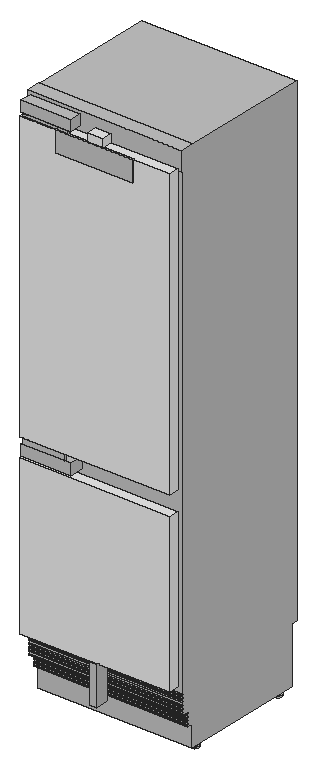
Revit family "FP_Revit_18_RS2484WLU1_Fridge_90001067A", category Specialty Equipment, Revit 2018
Family settings
  Round Connector Dimension = Use Diameter
  Part Type = Normal
  OmniClass Number = 23.40.40.11.11
  OmniClass Title = Refrigerators and Freezers
  Work Plane-Based = No
  Always vertical = Yes
  Cut with Voids When Loaded = Yes
  Shared = No
  Room Calculation Point = No
Parameters (values of type "RS2484WLUK1")
  Visibility - Water Connection = yes
  Visibility - Visibility Control Note = yes
  Visibility - Clearance Required = yes
  URL = "www.fisherpaykel.com"
  Stainless Steel Door Panels (RD2484WLD) = no
  Product - Width = 603 mm
  Product - Height = 2134 mm
  Product - Depth (exl front panel) = 610 mm
  Model = "RS2484WLUK1"
  Material - Handle = Fisher & Paykel - Aluminium
  Material - Door Structure = Fisher & Paykel - White
  Material - Door Front = Fisher & Paykel - Stainless Steel
  Material - Body = Fisher & Paykel - Grey
  Manufacturer = "Fisher & Paykel Appliances"
  Handle Style - Professional Square (AHV2RD2484W) = no
  Handle Style - Professional Round Flush (AHP3RD2484W) = no
  Handle Style - Professional Round (AHCRD2484W) = no
  Handle Style - Contemporary Square Fine Black (AHD5RD2484WB) = no
  Handle Style - Contemporary Square Fine (AHD5RD2484W) = no
  Handle Style - Contemporary Square (AHD3RD2484W) = no
  Handle Style - Contemporary Round (AHSRD2484W) = no
  Description = "24\" Integrated Column Refrigerator/Freezer with Ice & Water, SS interior"
  Connector Description - Water = "1/4\" (6mm) comp. stainless steel braided hose"
  Connector Description - Electrical = "120 V, 10 amp fused electrical supply"
  Cavity - Width = 610 mm
  Cavity - Height = 2134 mm
  Cavity - Depth = 635 mm
Reference planes
  plane 1 "Datum": y = 0
  plane 2: z = 0
  plane 3 "Center (Left/Right)": x = 0
  plane 4 "Product LHS": x = -301.5
  plane 5 "Product RHS": x = 301.5
  plane 6 "Product - Depth": y = 610
  plane 7 "Cavity LHS": x = -305
  plane 8 "Cavity RHS": x = 305
  plane 9 "Cavity - Depth": y = 635
  plane 10 "Handle Offset": x = 238.5
  plane 11 "Product Height": z = 2134
  plane 12 "Cavity Height": z = 2134
  plane 13 "Door Panel Datum": y = -4.1
Forms (mm)
  Extrusion 1, solid, material "Fisher & Paykel - Grey" <- "Material - Body", detail levels fine
    sketch origin (0, 0, 0) x (0, 1, 0) y (0, 0, 1)
      loop
        line (100.1, 19.1) -> (587.9, 19.1) -> (587.9, 239.7) -> (610, 239.7) -> (610, 2132.3) -> (105.1, 2132.3) -> (105.1, 2134) -> (49.9, 2134) -> (49.9, 2059) -> (56, 2059) -> (56, 228.6) -> (59.5, 228.6) -> (59.5, 219.7) -> (56.5, 219.7) -> (56.5, 215.9) -> (59.5, 215.9) -> (59.5, 207) -> (56.5, 207) -> (56.5, 203.2) -> (59.5, 203.2) -> (59.5, 194.3) -> (56.5, 194.3) -> (56.5, 190.5) -> (59.5, 190.5) -> (59.5, 181.6) -> (56.5, 181.6) -> (56.5, 177.8) -> (59.5, 177.8) -> (59.5, 168.9) -> (56.5, 168.9) -> (56.5, 165.1) -> (59.5, 165.1) -> (59.5, 156.2) -> (56.5, 156.2) -> (56.5, 152.4) -> (84.1, 152.4) -> (84.1, 143.5) -> (81.1, 143.5) -> (81.1, 139.7) -> (84.1, 139.7) -> (84.1, 130.8) -> (81.1, 130.8) -> (81.1, 127) -> (84.1, 127) -> (84.1, 118.1) -> (81.1, 118.1) -> (81.1, 114.3) -> (84.1, 114.3) -> (84.1, 105.4) -> (81.1, 105.4) -> (81.1, 101.6) -> (100.1, 101.6) -> (100.1, 19.1)
    from -301.5 to 301.5
  Extrusion 2, solid, material "Fisher & Paykel - Grey" <- "Material - Body"
    sketch origin (0, 0, 0) x (1, 0, 0) y (0, 1, 0)
      loop
        circle (-281, 547.8) r 4.1
      loop
        circle (-281, 141.8) r 4.1
      loop
        circle (281, 547.8) r 4.1
      loop
        circle (281, 141.8) r 4.1
    from 3 to 19.1
  Extrusion 3, solid, material "Fisher & Paykel - Grey" <- "Material - Body"
    sketch origin (0, 0, 0) x (1, 0, 0) y (0, 1, 0)
      loop
        circle (-281, 547.8) r 14.5
      loop
        circle (-281, 141.8) r 14.555
      loop
        circle (281, 547.8) r 14.5
      loop
        circle (281, 141.8) r 14.555
    from 0 to 3
  Extrusion 4, solid, material "Fisher & Paykel - Grey" <- "Material - Body", detail levels fine
    sketch origin (0, 0, 0) x (1, 0, 0) y (0, 1, 0)
      loop
        line (-7.5, 49) -> (-13.797, -4.1) -> (13.797, -4.1) -> (7.5, 49) -> (-7.5, 49)
    from 104.2 to 253.8
  Extrusion 5, solid, material "Fisher & Paykel - Grey" <- "Material - Body", detail levels fine
    sketch origin (0, 0, 0) x (0, 1, 0) y (0, 0, 1)
      loop
        line (0, 2070.6) -> (0, 1988.6) -> (2, 1988.6) -> (2, 2068.6) -> (4, 2068.6) -> (4, 2070.6) -> (0, 2070.6)
    from -150 to 150
  Extrusion 6, solid, material "Fisher & Paykel - Grey" <- "Material - Body"
    sketch origin (0, 0, 0) x (1, 0, 0) y (0, 0, 1)
      loop
        circle (226.5, 119.813) r 5
      loop
        circle (-226.5, 119.813) r 5
    from -590 to -587.9
  Extrusion 7, solid, material "Fisher & Paykel - White" <- "Material - Door Structure"
    sketch origin (0, 0, 0) x (1, 0, 0) y (0, 1, 0)
      loop
        line (-276.5, 56) -> (-276.5, 42) -> (276.5, 42) -> (276.5, 56) -> (-276.5, 56)
    from 951.3 to 2030.7
  Extrusion 8, solid, material "Fisher & Paykel - White" <- "Material - Door Structure"
    sketch origin (0, 0, 0) x (1, 0, 0) y (0, 1, 0)
      loop
        line (-292.9, 42) -> (-292.9, 3) -> (292.9, 3) -> (292.9, 42) -> (-292.9, 42)
    from 943.8 to 2068.6
  Extrusion 9, solid, material "Fisher & Paykel - White" <- "Material - Door Structure", detail levels fine
    sketch origin (0, 0, 0) x (1, 0, 0) y (0, 0, 1)
      loop
        line (-29.5, 2100.1) -> (-29.5, 2068.6) -> (29.5, 2068.6) -> (29.5, 2100.1) -> (-29.5, 2100.1)
    from -42 to -3
  Extrusion 10, solid, material "Fisher & Paykel - Stainless Steel" <- "Material - Door Front", visible <- "Stainless Steel Door Panels (RD2484WLD)"
    sketch origin (0, 0, 0) x (0, 1, 0) y (0, 0, 1)
      loop
        line (-22.1, 2130.8) -> (-22.1, 876.3) -> (-4.1, 876.3) -> (-4.1, 2130.8) -> (-22.1, 2130.8)
      loop
        line (-22.1, 102) -> (-4.1, 102) -> (-4.1, 873.1) -> (-22.1, 873.1) -> (-22.1, 102)
    from -301.5 to 301.5
  Extrusion 11, solid, material "Fisher & Paykel - Grey" <- "Material - Body", detail levels coarse+medium
    sketch origin (0, 0, 0) x (0, 1, 0) y (0, 0, 1)
      loop
        line (49.9, 2134) -> (49.9, 2059) -> (56, 2059) -> (56, 152.4) -> (81.1, 152.4) -> (81.1, 101.6) -> (100.1, 101.6) -> (100.1, 19.1) -> (587.9, 19.1) -> (587.9, 239.7) -> (610, 239.7) -> (610, 2134) -> (49.9, 2134)
    from -301.5 to 301.5
  Extrusion 12, solid, material "Fisher & Paykel - Grey" <- "Material - Body", detail levels fine
    sketch origin (0, 0, 0) x (-1, 0, 0) y (0, 0, -1)
      loop
        line (289.9, -877.25) -> (95.42, -877.25) -> (95.42, -919.35) -> (289.9, -919.35) -> (289.9, -877.25)
    from -56 to -2.5
  Extrusion 13, solid, material "Fisher & Paykel - Grey" <- "Material - Body", detail levels fine
    sketch origin (0, 0, 0) x (-1, 0, 0) y (0, 0, -1)
      loop
        line (289.9, -2123.15) -> (289.9, -2081.05) -> (95.42, -2081.05) -> (95.42, -2123.15) -> (289.9, -2123.15)
    from -49 to -2.5
  Extrusion 14, solid, material "Fisher & Paykel - Grey" <- "Material - Body", detail levels fine
    sketch origin (0, 0, -4) x (0, 1, 0) y (0, 0, 1)
      loop
        arc (163.888, 23.1) -> (180.4, 13.63) -> (196.912, 23.1) r 19.13
        line (196.912, 23.1) -> (163.888, 23.1)
      loop
        arc (493.888, 23.1) -> (510.4, 13.63) -> (526.912, 23.1) r 19.13
        line (526.912, 23.1) -> (493.888, 23.1)
    from 191 to 219
  Extrusion 15, solid, material "Fisher & Paykel - Grey" <- "Material - Body", detail levels fine
    sketch origin (0, 0, -4) x (0, 1, 0) y (0, 0, -1)
      loop
        line (163.888, -23.1) -> (196.912, -23.1)
        arc (196.912, -23.1) -> (180.4, -13.63) -> (163.888, -23.1) r 19.13
      loop
        line (493.888, -23.1) -> (526.912, -23.1)
        arc (526.912, -23.1) -> (510.4, -13.63) -> (493.888, -23.1) r 19.13
    from 191 to 219
  Extrusion 16, solid, material "Fisher & Paykel - Clearance Required", visible <- "Visibility - Clearance Required", detail levels coarse
    sketch origin (0, 0, 0) x (1, 0, 0) y (0, 1, 0)
      loop
        line (-305, 635) -> (-305, -4.1) -> (305, -4.1) -> (305, 635) -> (-305, 635)
    from 0 to 2134
  Extrusion 17, void
    sketch origin (0, 0, 0) x (1, 0, 0) y (0, 1, 0)
      loop
        line (-305, 635) -> (-305, -22.1) -> (305, -22.1) -> (305, 635) -> (-305, 635)
    from 0 to 2134
  Extrusion 18, solid, material "Fisher & Paykel - Grey" <- "Material - Body", detail levels fine
    sketch origin (0, 0, 0) x (-1, 0, 0) y (0, 0, -1)
      loop
        line (118.4, -943.8) -> (282.9, -943.8) -> (282.9, -919.35) -> (118.4, -919.35) -> (118.4, -943.8)
      loop
        line (106, -2081.05) -> (242.9, -2081.05) -> (282.9, -2076.05) -> (282.9, -2068.6) -> (106, -2068.6) -> (106, -2081.05)
    from -7 to -4
  Extrusion 19, solid, material "Fisher & Paykel - White" <- "Material - Door Structure"
    sketch origin (0, 0, 0) x (1, 0, 0) y (0, 1, 0)
      loop
        line (-292.9, 42) -> (-292.9, 3) -> (292.9, 3) -> (292.9, 42) -> (-292.9, 42)
    from 253.8 to 868.15
  Extrusion 20, solid, material "Fisher & Paykel - White" <- "Material - Door Structure"
    sketch origin (0, 0, 0) x (1, 0, 0) y (0, 1, 0)
      loop
        line (-276.5, 56) -> (-276.5, 42) -> (276.5, 42) -> (276.5, 56) -> (-276.5, 56)
    from 269.2 to 858.13
  Extrusion 21, solid, material "Fisher & Paykel - Clearance Required", visible <- "Visibility - Clearance Required", detail levels coarse
    sketch origin (0, 0, 0) x (0, 1, 0) y (0, 0, 1)
      loop
        line (-422.1, 873.1) -> (-422.1, 818.896) -> (-482.1, 818.896) -> (-482.1, 781.896) -> (-422.1, 781.896) -> (-422.1, 101.6) -> (-22.1, 101.6) -> (-22.1, 873.1) -> (-422.1, 873.1)
    from -305 to 305
  Extrusion 22, solid, material "Fisher & Paykel - Clearance Required", visible <- "Visibility - Clearance Required", detail levels coarse
    sketch origin (0, 0, 0) x (-1, 0, 0) y (0, -1, 0)
      loop
        arc (301.5, 22.1) -> (304.469, 57.05) -> (339.359, 60.653) r 27.5
        line (339.359, 60.653) -> (556.046, 526.865) -> (583.452, 514.085)
        arc (583.452, 514.085) -> (608.033, 523.032) -> (599.086, 547.613) r 18.497
        line (599.086, 547.613) -> (571.638, 560.412) -> (593.641, 607.752)
        arc (593.641, 607.752) -> (-14.693, 560.645) -> (-301.5, 22.1) r 633.927
        line (-301.5, 22.1) -> (301.5, 22.1)
    from 876.3 to 2134
Lines and regions (mm)
  model lines, style "Fisher & Paykel"
    curve 1: line (-301.5, -4.1, 2130.8) -> (301.5, -4.1, 2130.8)
    curve 2: line (-301.5, -4.1, 876.3) -> (-301.5, -4.1, 2130.8)
    curve 3: line (301.5, -4.1, 876.3) -> (-301.5, -4.1, 876.3)
    curve 4: line (301.5, -4.1, 2130.8) -> (301.5, -4.1, 876.3)
    curve 5: line (301.5, -4.1, 873.1) -> (-301.5, -4.1, 873.1)
    curve 6: line (301.5, -4.1, 102) -> (301.5, -4.1, 873.1)
    curve 7: line (-301.5, -4.1, 102) -> (301.5, -4.1, 102)
    curve 8: line (-301.5, -4.1, 873.1) -> (-301.5, -4.1, 102)
Text (mm)
  text "Due to ongoing product development, product details are subject to change without notice. \nPlease always refer to www.fisherpaykel.com for the most current product information. \n© Fisher & Paykel 2020" at (41.04, -678.295, 0), in view "Ref. Level (Plan)"
Dimensions and locks
  equal spacing: plane 4 "Product LHS", plane 3 "Center (Left/Right)", plane 5 "Product RHS"
  "Product - Width": plane 4 "Product LHS" to plane 5 "Product RHS"
  "Product - Depth (exl front panel)": plane 1 "Datum" to plane 6 "Product - Depth"
  equal spacing: plane 7 "Cavity LHS", plane 3 "Center (Left/Right)", plane 8 "Cavity RHS"
  "Cavity - Width": plane 7 "Cavity LHS" to plane 8 "Cavity RHS"
  "Cavity - Depth": plane 9 "Cavity - Depth" to plane 1 "Datum"
  plane 4 "Product LHS" to Extrusion 2 sketch curve = 24.6 mm
  plane 4 "Product LHS" to plane 10 "Handle Offset" = 540 mm
  Extrusion 6 sketch curve to Extrusion 1 = 119.887 mm  (x2)
  Extrusion 6 sketch curve to plane 5 "Product RHS" = 75 mm
  plane 4 "Product LHS" to Extrusion 6 sketch curve = 75 mm
  Extrusion 1 sketch curve to Extrusion 1 sketch curve = 82.5 mm
  Extrusion 1 sketch curve to Extrusion 1 sketch curve = 209.5 mm
  Extrusion 1 sketch curve to Extrusion 1 sketch curve = 220.6 mm
  Extrusion 3 to level = 3 mm
  Extrusion 11 to Extrusion 8 = 924.7 mm
  Extrusion 11 to Extrusion 7 = 932.2 mm
  Extrusion 11 to Extrusion 11 = 2114.9 mm
  Extrusion 11 to Extrusion 10 = 82.9 mm
  "Product - Height": level to plane 11 "Product Height"
  plane 11 "Product Height" to Extrusion 10 = 3.2 mm
  Extrusion 8 to plane 11 "Product Height" = 65.4 mm
  Extrusion 7 to plane 11 "Product Height" = 103.3 mm
  Extrusion 11 sketch curve to plane 11 "Product Height" = 75 mm
  Extrusion 1 sketch curve to plane 11 "Product Height" = 1.7 mm
  Extrusion 1 sketch curve to plane 11 "Product Height" = 75 mm
  "Cavity - Height": plane 12 "Cavity Height" to level
  plane 1 "Datum" to Extrusion 16 = 635 mm
  plane 1 "Datum" to Extrusion 17 = 635 mm
  Extrusion 18 sketch curve to Extrusion 18 sketch curve = 40 mm
  Extrusion 18 sketch curve to Extrusion 18 sketch curve = 176.9 mm
  plane 3 "Center (Left/Right)" to Extrusion 18 sketch curve = 106 mm
  plane 3 "Center (Left/Right)" to Extrusion 18 sketch curve = 118.4 mm
  Extrusion 17 to level = 2134 mm
  radius of Extrusion 6 sketch curve = 5 mm
  aligned and locked: level to plane 2
  aligned and locked: Extrusion 10 to plane 5 "Product RHS"
  aligned and locked: plane 4 "Product LHS" to Extrusion 10
  aligned and locked: Extrusion 11 to plane 5 "Product RHS"
  aligned and locked: Extrusion 11 to plane 4 "Product LHS"
  aligned and locked: Extrusion 11 sketch curve to plane 11 "Product Height"
  aligned and locked: plane 11 "Product Height" to Extrusion 1 sketch curve
  aligned and locked: Extrusion 14 sketch curve to Extrusion 14 sketch curve
  aligned and locked: Extrusion 15 sketch curve to Extrusion 15 sketch curve
  aligned and locked: Extrusion 1 to plane 5 "Product RHS"
  aligned and locked: plane 4 "Product LHS" to Extrusion 1
  aligned and locked: nested 2 to plane 10 "Handle Offset"
  aligned and locked: nested 3 to plane 10 "Handle Offset"
  aligned and locked: nested 4 to plane 10 "Handle Offset"
  aligned and locked: nested 5 to plane 10 "Handle Offset"
  aligned and locked: nested 6 to plane 10 "Handle Offset"
  aligned and locked: nested 7 to plane 10 "Handle Offset"
  aligned and locked: nested 8 to plane 10 "Handle Offset"
Automatic sketch dimensions
  Extrusion 1 sketch curve to plane 6 "Product - Depth" = 0 mm
  Extrusion 1 sketch curve to Extrusion 1 sketch curve = 22.1 mm
  Extrusion 1 sketch curve to plane 1 "Datum" = 105.1 mm
  level to Extrusion 1 sketch curve = 19.1 mm
  Extrusion 1 sketch curve to plane 1 "Datum" = 100.1 mm
  Extrusion 1 sketch curve to Extrusion 1 sketch curve = 16 mm
  Extrusion 1 sketch curve to Extrusion 1 sketch curve = 0 mm  (x8)
  Extrusion 1 sketch curve to Extrusion 1 sketch curve = 3 mm  (x10)
  Extrusion 1 sketch curve to plane 1 "Datum" = 59.5 mm
  Extrusion 1 sketch curve to plane 1 "Datum" = 56 mm
  Extrusion 1 sketch curve to plane 1 "Datum" = 49.9 mm
  Extrusion 1 sketch curve to Extrusion 1 sketch curve = 3.8 mm  (x10)
  Extrusion 1 sketch curve to Extrusion 1 sketch curve = 8.9 mm  (x9)
  Extrusion 2 sketch curve to plane 4 "Product LHS" = 20.5 mm  (x2)
  plane 5 "Product RHS" to Extrusion 2 sketch curve = 20.5 mm  (x2)
  Extrusion 2 sketch curve to plane 1 "Datum" = 141.8 mm  (x2)
  Extrusion 2 sketch curve to plane 6 "Product - Depth" = 62.2 mm  (x2)
  Extrusion 3 sketch curve to plane 4 "Product LHS" = 20.5 mm  (x2)
  plane 5 "Product RHS" to Extrusion 3 sketch curve = 20.5 mm  (x2)
  Extrusion 3 sketch curve to plane 1 "Datum" = 141.8 mm  (x2)
  Extrusion 3 sketch curve to plane 6 "Product - Depth" = 62.2 mm  (x2)
  plane 1 "Datum" to Extrusion 4 sketch curve = 4.1 mm
  Extrusion 4 sketch curve to plane 3 "Center (Left/Right)" = 13.797 mm
  Extrusion 4 sketch curve to plane 3 "Center (Left/Right)" = 7.5 mm
  plane 3 "Center (Left/Right)" to Extrusion 4 sketch curve = 7.5 mm
  plane 3 "Center (Left/Right)" to Extrusion 4 sketch curve = 13.797 mm
  Extrusion 4 sketch curve to plane 1 "Datum" = 49 mm
  Extrusion 5 sketch curve to plane 1 "Datum" = 0 mm
  Extrusion 5 sketch curve to plane 1 "Datum" = 2 mm
  Extrusion 5 sketch curve to Extrusion 5 sketch curve = 2 mm  (x2)
  plane 11 "Product Height" to Extrusion 5 sketch curve = 145.4 mm
  plane 11 "Product Height" to Extrusion 5 sketch curve = 65.4 mm
  Extrusion 7 sketch curve to plane 4 "Product LHS" = 25 mm
  plane 5 "Product RHS" to Extrusion 7 sketch curve = 25 mm
  Extrusion 7 sketch curve to plane 1 "Datum" = 42 mm
  Extrusion 7 sketch curve to Extrusion 7 sketch curve = 14 mm
  Extrusion 8 sketch curve to plane 1 "Datum" = 3 mm
  Extrusion 8 sketch curve to plane 4 "Product LHS" = 8.6 mm
  plane 5 "Product RHS" to Extrusion 8 sketch curve = 8.6 mm
  Extrusion 8 sketch curve to Extrusion 8 sketch curve = 39 mm
  Extrusion 9 sketch curve to plane 3 "Center (Left/Right)" = 29.5 mm
  plane 3 "Center (Left/Right)" to Extrusion 9 sketch curve = 29.5 mm
  plane 11 "Product Height" to Extrusion 9 sketch curve = 65.4 mm
  Extrusion 9 sketch curve to Extrusion 9 sketch curve = 31.5 mm
  Extrusion 11 sketch curve to plane 6 "Product - Depth" = 0 mm
  Extrusion 11 sketch curve to plane 6 "Product - Depth" = 22.1 mm
  Extrusion 11 sketch curve to plane 1 "Datum" = 100.1 mm
  Extrusion 11 sketch curve to Extrusion 11 sketch curve = 19 mm
  Extrusion 11 sketch curve to plane 1 "Datum" = 56 mm
  Extrusion 11 sketch curve to plane 1 "Datum" = 49.9 mm
  level to Extrusion 11 sketch curve = 239.7 mm
  level to Extrusion 11 sketch curve = 152.4 mm
  Extrusion 11 sketch curve to Extrusion 11 sketch curve = 50.8 mm
  level to Extrusion 11 sketch curve = 19.1 mm
  plane 3 "Center (Left/Right)" to Extrusion 12 sketch curve = 95.42 mm
  plane 4 "Product LHS" to Extrusion 12 sketch curve = 11.6 mm
  Extrusion 12 sketch curve to level = 877.25 mm
  Extrusion 12 sketch curve to Extrusion 12 sketch curve = 42.1 mm
  Extrusion 13 sketch curve to plane 11 "Product Height" = 10.85 mm
  plane 3 "Center (Left/Right)" to Extrusion 13 sketch curve = 95.42 mm
  plane 4 "Product LHS" to Extrusion 13 sketch curve = 11.6 mm
  Extrusion 13 sketch curve to Extrusion 13 sketch curve = 42.1 mm
  level to Extrusion 14 sketch curve = 19.1 mm
  Extrusion 14 sketch curve to plane 1 "Datum" = 163.888 mm
  Extrusion 14 sketch curve to Extrusion 14 sketch curve = 16.512 mm  (x2)
  Extrusion 14 sketch curve to plane 6 "Product - Depth" = 116.112 mm
  Extrusion 14 sketch curve to Extrusion 14 sketch curve = 9.66 mm  (x2)
  level to Extrusion 15 sketch curve = 19.1 mm
  Extrusion 15 sketch curve to plane 1 "Datum" = 163.888 mm
  Extrusion 15 sketch curve to Extrusion 15 sketch curve = 16.512 mm  (x2)
  Extrusion 15 sketch curve to plane 6 "Product - Depth" = 116.112 mm
  Extrusion 15 sketch curve to Extrusion 15 sketch curve = 9.66 mm  (x2)
  Extrusion 16 sketch curve to plane 7 "Cavity LHS" = 0 mm
  Extrusion 16 sketch curve to plane 8 "Cavity RHS" = 0 mm
  Extrusion 16 sketch curve to plane 9 "Cavity - Depth" = 0 mm
  plane 1 "Datum" to Extrusion 16 sketch curve = 4.1 mm
  Extrusion 17 sketch curve to plane 7 "Cavity LHS" = 0 mm
  Extrusion 17 sketch curve to plane 8 "Cavity RHS" = 0 mm
  plane 9 "Cavity - Depth" to Extrusion 17 sketch curve = 0 mm
  plane 1 "Datum" to Extrusion 17 sketch curve = 22.1 mm
  plane 4 "Product LHS" to Extrusion 18 sketch curve = 18.6 mm
  Extrusion 18 sketch curve to level = 919.35 mm
  Extrusion 18 sketch curve to Extrusion 18 sketch curve = 24.45 mm
  Extrusion 18 sketch curve to plane 11 "Product Height" = 65.4 mm
  Extrusion 18 sketch curve to Extrusion 18 sketch curve = 7.45 mm
  Extrusion 18 sketch curve to Extrusion 18 sketch curve = 5 mm
  Extrusion 19 sketch curve to plane 1 "Datum" = 3 mm
  Extrusion 19 sketch curve to plane 4 "Product LHS" = 8.6 mm
  plane 5 "Product RHS" to Extrusion 19 sketch curve = 8.6 mm
  Extrusion 19 sketch curve to Extrusion 19 sketch curve = 39 mm
  Extrusion 20 sketch curve to plane 4 "Product LHS" = 25 mm
  plane 5 "Product RHS" to Extrusion 20 sketch curve = 25 mm
  Extrusion 20 sketch curve to plane 1 "Datum" = 42 mm
  Extrusion 20 sketch curve to Extrusion 20 sketch curve = 14 mm
  plane 1 "Datum" to Extrusion 21 sketch curve = 482.1 mm
  Extrusion 21 sketch curve to Extrusion 21 sketch curve = 60 mm
  Extrusion 21 sketch curve to Extrusion 21 sketch curve = 0 mm
  plane 1 "Datum" to Extrusion 21 sketch curve = 22.1 mm
  level to Extrusion 21 sketch curve = 101.6 mm
  Extrusion 21 sketch curve to Extrusion 21 sketch curve = 680.296 mm
  Extrusion 21 sketch curve to Extrusion 21 sketch curve = 37 mm
  Extrusion 21 sketch curve to Extrusion 21 sketch curve = 54.204 mm
  Extrusion 22 sketch curve to plane 5 "Product RHS" = 0 mm
  Extrusion 22 sketch curve to plane 4 "Product LHS" = 0 mm
  Extrusion 22 sketch curve to plane 7 "Cavity LHS" = 19.09 mm
  Extrusion 22 sketch curve to Extrusion 22 sketch curve = 8.286 mm
  Extrusion 22 sketch curve to Extrusion 22 sketch curve = 15.269 mm
  Extrusion 22 sketch curve to plane 7 "Cavity LHS" = 251.046 mm
  Extrusion 22 sketch curve to Extrusion 22 sketch curve = 15.592 mm
  Extrusion 22 sketch curve to Extrusion 22 sketch curve = 27.406 mm
  Extrusion 22 sketch curve to Extrusion 22 sketch curve = 7.817 mm  (x2)
  Extrusion 22 sketch curve to Extrusion 22 sketch curve = 22.003 mm
  Extrusion 22 sketch curve to plane 1 "Datum" = 607.752 mm
  Extrusion 22 sketch curve to Extrusion 22 sketch curve = 47.34 mm
  Extrusion 22 sketch curve to Extrusion 22 sketch curve = 12.799 mm
  Extrusion 22 sketch curve to Extrusion 22 sketch curve = 16.764 mm
  Extrusion 22 sketch curve to Extrusion 22 sketch curve = 12.78 mm
  Extrusion 22 sketch curve to plane 1 "Datum" = 60.653 mm
  Extrusion 22 sketch curve to Extrusion 22 sketch curve = 22.871 mm
  plane 1 "Datum" to Extrusion 10 sketch curve = 22.1 mm
  plane 1 "Datum" to Extrusion 10 sketch curve = 4.1 mm
  level to Extrusion 10 sketch curve = 102 mm
  plane 11 "Product Height" to Extrusion 10 sketch curve = 3.2 mm
  Extrusion 10 sketch curve to Extrusion 10 sketch curve = 3.2 mm
  Extrusion 10 sketch curve to Extrusion 10 sketch curve = 771.1 mm
  Extrusion 10 sketch curve to Extrusion 10 sketch curve = 0 mm  (x2)
  plane 5 "Product RHS" to curve 5 = 0 mm
  plane 5 "Product RHS" to curve 1 = 0 mm
  plane 4 "Product LHS" to curve 5 = 0 mm
  plane 4 "Product LHS" to curve 2 = 0 mm
  level to curve 6 = 102 mm
  curve 6 to curve 6 = 771.1 mm
  curve 5 to curve 2 = 3.2 mm
  plane 11 "Product Height" to curve 2 = 3.2 mm
  radius of Extrusion 2 sketch curve = 4.1 mm  (x3)
  radius of Extrusion 3 sketch curve = 14.5 mm  (x2)
  radius of Extrusion 3 sketch curve = 14.555 mm  (x2)
  radius of Extrusion 6 sketch curve = 5 mm
Nested families
  nested 1: "Visibility Control Note 18" at (0, 0, 0), visible <- "Visibility - Visibility Control Note", type "Visibility Control Note 18"
  nested 2: "Handle Contemporary Round - Vertical" at (238.5, -22.1, 1322.58), visible <- "Handle Style - Contemporary Round (AHSRD2484W)", type "AHSRD2484W - Contemporary round handle (1 of 2) (Vertical) 727mm"
  nested 3: "Handle Contemporary Square - Vertical" at (238.5, -22.1, 1322.58), visible <- "Handle Style - Contemporary Square (AHD3RD2484W)", type "AHD3RD2484W - Contemporary square handle (1 of 2) (Vertical) 727mm"
  nested 4: "F&P Handle Kit - Contemporary Square Fine - Vertical" at (238.5, -22.1, 1322.58), visible <- "Handle Style - Contemporary Square Fine Black (AHD5RD2484WB)", type "AHD5RD2484WB - Contemporary square fine black handle (1 of 2) (Vertical) 727mm"
  nested 5: "F&P Handle Kit - Contemporary Square Fine - Vertical" at (238.5, -22.1, 1322.58), visible <- "Handle Style - Contemporary Square Fine (AHD5RD2484W)", type "AHD5RD2484W - Contemporary square fine handle (1 of 2) (Vertical) 727mm"
  nested 6: "Handle Professional Round - Vertical" at (238.5, -22.1, 1322.58), visible <- "Handle Style - Professional Round (AHCRD2484W)", type "AHCRD2484W - Professional round handle (1 of 2) (Vertical) 661mm"
  nested 7: "Handle Professional Round Flush - Vertical" at (238.5, -22.1, 1322.58), visible <- "Handle Style - Professional Round Flush (AHP3RD2484W)", type "AHP3RD2484W - Professional round flush handle (1 of 2) (Vertical) 677mm"
  nested 8: "Handle Professional Square - Vertical" at (238.5, -22.1, 1322.58), visible <- "Handle Style - Professional Square (AHV2RD2484W)", type "AHV2RD2484W - Professional square handle (1 of 2) (Vertical) 727mm"
  nested 9: "Handle Contemporary Round - Horizontal" at (0, -22.1, 800.364), visible <- "Handle Style - Contemporary Round (AHSRD2484W)", type "AHSRD2484W - Contemporary round handle (2 of 2) (Horizontal) 494mm"
  nested 10: "Handle Contemporary Square - Horizontal" at (0, -22.1, 800.364), visible <- "Handle Style - Contemporary Square (AHD3RD2484W)", type "AHD3RD2484W - Contemporary square handle (2 of 2) (Horizontal) 494mm"
  nested 11: "F&P Handle Kit - Contemporary Square Fine - Horizontal" at (0, -22.1, 800.364), visible <- "Handle Style - Contemporary Square Fine Black (AHD5RD2484WB)", type "AHD5RD2484WB - Contemporary square fine black handle (2 of 2) (Horizontal) 494mm"
  nested 12: "Handle Professional Round - Horizontal" at (0, -22.1, 800.364), visible <- "Handle Style - Professional Round (AHCRD2484W)", type "AHCRD2484W - Professional round handle (2 of 2) (Horizontal) 428mm"
  nested 13: "Handle Professional Round Flush - Horizontal" at (0, -22.1, 800.364), visible <- "Handle Style - Professional Round Flush (AHP3RD2484W)", type "AHP3RD2484W - Professional round flush handle (2 of 2) (Horizontal) 443mm"
  nested 14: "Handle Professional Square - Horizontal" at (0, -22.1, 800.364), visible <- "Handle Style - Professional Square (AHV2RD2484W)", type "AHV2RD2484W - Professional square handle (2 of 2) (Horizontal) 434mm"
  nested 15: "F&P Handle Kit - Contemporary Square Fine - Horizontal" at (0, -22.1, 800.364), visible <- "Handle Style - Contemporary Square Fine (AHD5RD2484W)", type "AHD5RD2484W - Contemporary square fine handle (2 of 2) (Horizontal) 494mm"
Connectors
  electrical at (-226.5, 590, 119.813), driven by "Connector Description - Electrical"
    settings: on Extrusion 6, index 1, voltage 120 V, apparent load 0 VA, apparent load phase1 0 VA, apparent load phase2 0 VA, apparent load phase3 0 VA, power factor 1, load classification "Other", number of poles 1, system type 30, power factor state 1, is connector primary yes, connector utility no, sub classification motor no, connector description "120 V, 10 amp fused electrical supply"
  piping at (226.5, 590, 119.813), diameter 12.7, driven by "Visibility - Water Connection", driven by "Connector Description - Water"
    settings: on Extrusion 6, index 2, connector inside diameter 609.6 mm, connector length 0 mm, flow factor 0, pipe flow 0.0 L/s, pressure drop 0.0 Pa, fitting loss kfactor 0, connector angle 0.00°, fixture units 0, engagement length 0 mm, angle of deflection 0.00°, flow configuration 0, flow direction 1, fitting loss method 0, system type 20, joint type 0, gender type 0, connector reference index -1, connector utility 1, adjustable connector no, is connector primary yes, connector description "1/4\" (6mm) comp. stainless steel braided hose"
Definition of nested family "Handle Contemporary Round - Vertical"
  Parameters (values of type "AHSRS80A - Contemporary round handle (1 of 2) (Vertical) 727mm")
    URL = "www.fisherpaykel.com"
    Material - Handle = none
    Manufacturer = "Fisher & Paykel Appliances"
    Handle - Length = 727 mm
  Types (6, lengths in mm): name | Handle - Length
    AHS-RD21 - Contemporary round handle (Vertical) 852mm | 852
    AHSRD2484W - Contemporary round handle (1 of 2) (Vertical) 727mm | 727
    AHSRD3084W - Contemporary round handle (1 of 2) (Vertical) 727mm | 727
    AHS-RD84 - Contemporary round handle (Vertical) 852mm | 852
    AHSRS3272A - Contemporary round handle (1 of 2) (Vertical) 727mm | 727
    AHSRS80A - Contemporary round handle (1 of 2) (Vertical) 727mm | 727
  Reference planes
    plane 1 "Center (Front/Back)": y = 0
    plane 2: z = 0
    plane 3 "Center (Left/Right)": x = 0
    plane 4 "Top": z = 363.5
    plane 5 "Bottom": z = -363.5
    plane 6 "Top Standoff": z = 243.5
    plane 7 "Bottom Standoff": z = -243.5
  Forms (mm)
    Extrusion 1, solid, material <- "Material - Handle"
      sketch origin (0, 0, 0) x (1, 0, 0) y (0, 1, 0)
        loop
          circle (0, -32.3) r 8.7
      from -243.5 to 243.5
    Extrusion 2, solid, material <- "Material - Handle", detail levels fine
      sketch origin (0, 0, 0) x (1, 0, 0) y (0, 1, 0)
        loop
          line (-8.7, 0) -> (-8.7, -32.3)
          arc (-8.7, -32.3) -> (0, -41) -> (8.7, -32.3) r 8.7
          line (8.7, -32.3) -> (8.7, 0) -> (-8.7, 0)
      from 243.5 to 363.5
    Extrusion 3, solid, material <- "Material - Handle", detail levels fine
      sketch origin (0, 0, 0) x (1, 0, 0) y (0, 1, 0)
        loop
          line (-8.7, 0) -> (-8.7, -32.3)
          arc (-8.7, -32.3) -> (0, -41) -> (8.7, -32.3) r 8.7
          line (8.7, -32.3) -> (8.7, 0) -> (-8.7, 0)
      from -363.5 to -243.5
    Sweep 4, void
      path in 3D
        loop
          line (8.7, 0, -363.5) -> (8.7, -32.3, -363.5)
          arc (8.7, -32.3, -363.5) -> (0, -41, -363.5) -> (-8.7, -32.3, -363.5) r 8.7
          line (-8.7, -32.3, -363.5) -> (-8.7, 0, -363.5)
      profile origin (8.7, -16.15, -363.5) x (-1, 0, 0) y (0, 0, -1)
        loop
          line (0, 0) -> (0, -1) -> (1, 0) -> (0, 0)
    Sweep 5, void
      path in 3D
        loop
          line (-8.7, 0, 363.5) -> (-8.7, -32.3, 363.5)
          arc (-8.7, -32.3, 363.5) -> (0, -41, 363.5) -> (8.7, -32.3, 363.5) r 8.7
          line (8.7, -32.3, 363.5) -> (8.7, 0, 363.5)
      profile origin (8.7, -16.15, 363.5) x (-1, 0, 0) y (0, 0, 1)
        loop
          line (0, 0) -> (0, -1) -> (1, 0) -> (0, 0)
    Extrusion 6, solid, material <- "Material - Handle", detail levels coarse+medium
      sketch origin (0, 0, 0) x (1, 0, 0) y (0, 1, 0)
        loop
          line (-8.7, 0) -> (-8.7, -32.3)
          arc (-8.7, -32.3) -> (0, -41) -> (8.7, -32.3) r 8.7
          line (8.7, -32.3) -> (8.7, 0) -> (-8.7, 0)
      from 243.5 to 363.5
    Extrusion 7, solid, material <- "Material - Handle", detail levels coarse+medium
      sketch origin (0, 0, 0) x (1, 0, 0) y (0, 1, 0)
        loop
          line (-8.7, 0) -> (-8.7, -32.3)
          arc (-8.7, -32.3) -> (0, -41) -> (8.7, -32.3) r 8.7
          line (8.7, -32.3) -> (8.7, 0) -> (-8.7, 0)
      from -363.5 to -243.5
  Cuts and joins
    Sweep 4 cuts Extrusion 3
    Sweep 5 cuts Extrusion 2
  Lines and regions (mm)
    sketch lines
      curve 1: line (8.7, 0, -363.5) -> (8.7, -32.3, -363.5)
      curve 2: arc (-8.7, -32.3, -363.5) -> (0, -41, -363.5) -> (8.7, -32.3, -363.5) r 8.7
      curve 3: line (-8.7, -32.3, -363.5) -> (-8.7, 0, -363.5)
      curve 4: line (8.7, -32.3, 363.5) -> (8.7, 0, 363.5)
      curve 5: arc (8.7, -32.3, 363.5) -> (0, -41, 363.5) -> (-8.7, -32.3, 363.5) r 8.7
      curve 6: line (-8.7, 0, 363.5) -> (-8.7, -32.3, 363.5)
  Dimensions and locks
    equal spacing: plane 4 "Top", level, plane 5 "Bottom"
    "Handle - Length": plane 4 "Top" to plane 5 "Bottom"
    locked: plane 4 "Top" to plane 6 "Top Standoff" at 120
    locked: plane 7 "Bottom Standoff" to plane 5 "Bottom" at 120
    Extrusion 2 sketch curve to Extrusion 2 sketch curve = 17.4 mm
    Extrusion 3 sketch curve to Extrusion 3 sketch curve = 17.4 mm
    Extrusion 6 sketch curve to Extrusion 6 sketch curve = 17.4 mm
    Extrusion 7 sketch curve to Extrusion 7 sketch curve = 17.4 mm
    aligned and locked: level to plane 2
    aligned and locked: plane 4 "Top" to Extrusion 2
    aligned and locked: Extrusion 3 to plane 5 "Bottom"
    aligned and locked: plane 7 "Bottom Standoff" to Extrusion 3
    aligned and locked: Extrusion 1 to plane 7 "Bottom Standoff"
    aligned and locked: plane 6 "Top Standoff" to Extrusion 1
    aligned and locked: Extrusion 2 to Extrusion 1
    aligned and locked: Extrusion 6 to Extrusion 1
    aligned and locked: plane 4 "Top" to Extrusion 6
    aligned and locked: Extrusion 7 to Extrusion 1
    aligned and locked: Extrusion 7 to plane 5 "Bottom"
  Automatic sketch dimensions
    Extrusion 1 sketch curve to plane 3 "Center (Left/Right)" = 0 mm
    plane 1 "Center (Front/Back)" to Extrusion 1 sketch curve = 32.3 mm
    plane 1 "Center (Front/Back)" to Extrusion 2 sketch curve = 0 mm
    Extrusion 2 sketch curve to plane 3 "Center (Left/Right)" = 0 mm
    Extrusion 2 sketch curve to plane 3 "Center (Left/Right)" = 8.7 mm
    plane 1 "Center (Front/Back)" to Extrusion 2 sketch curve = 32.3 mm
    plane 1 "Center (Front/Back)" to Extrusion 3 sketch curve = 0 mm
    Extrusion 3 sketch curve to plane 3 "Center (Left/Right)" = 0 mm
    Extrusion 3 sketch curve to plane 3 "Center (Left/Right)" = 8.7 mm
    plane 1 "Center (Front/Back)" to Extrusion 3 sketch curve = 32.3 mm
    Sweep 4 sketch curve to profile plane = 0 mm  (x2)
    Sweep 4 sketch curve to profile plane = 1 mm  (x2)
    Sweep 5 sketch curve to profile plane = 0 mm  (x2)
    Sweep 5 sketch curve to profile plane = 1 mm  (x2)
    Extrusion 6 sketch curve to plane 3 "Center (Left/Right)" = 0 mm
    Extrusion 6 sketch curve to plane 3 "Center (Left/Right)" = 8.7 mm
    plane 1 "Center (Front/Back)" to Extrusion 6 sketch curve = 32.3 mm
    Extrusion 6 sketch curve to Extrusion 6 sketch curve = 32.3 mm
    Extrusion 7 sketch curve to plane 3 "Center (Left/Right)" = 0 mm
    Extrusion 7 sketch curve to plane 3 "Center (Left/Right)" = 8.7 mm
    plane 1 "Center (Front/Back)" to Extrusion 7 sketch curve = 32.3 mm
    Extrusion 7 sketch curve to Extrusion 7 sketch curve = 32.3 mm
    radius of Extrusion 1 sketch curve = 8.7 mm
Definition of nested family "Handle Contemporary Square - Vertical"
  Parameters (values of type "AHD3RS80A - Contemporary square handle (1 of 2) (Vertical) 727mm")
    URL = "www.fisherpaykel.com"
    Material - Handle = none
    Manufacturer = "Fisher & Paykel Appliances"
    Handle - Length = 727 mm
  Types (7, lengths in mm): name | Handle - Length
    (no name) | 727
    AHD3-RD21 - Contemporary square handle (Vertical) 852mm | 852
    AHD3RD2484W - Contemporary square handle (1 of 2) (Vertical) 727mm | 727
    AHD3RD3084W - Contemporary square handle (1 of 2) (Vertical) 727mm | 727
    AHD3-RD84 - Contemporary square handle (Vertical) 852mm | 852
    AHD3RS3272A - Contemporary square handle (1 of 2) (Vertical) 727mm | 727
    AHD3RS80A - Contemporary square handle (1 of 2) (Vertical) 727mm | 727
  Reference planes
    plane 1 "Center (Front/Back)": y = 0
    plane 2: z = 0
    plane 3 "Center (Left/Right)": x = 0
    plane 4 "Top": z = 363.5
    plane 5 "Bottom": z = -363.5
    plane 6 "Top Standoff": z = 243.5
    plane 7 "Bottom Standoff": z = -243.5
  Forms (mm)
    Extrusion 1, solid, material <- "Material - Handle", detail levels fine
      sketch origin (0, 0, 0) x (1, 0, 0) y (0, 1, 0)
        loop
          arc (-7.583, -28.701) -> (-7.89, -29.057) -> (-8, -29.514) r 1
          line (-8, -29.514) -> (-8, -40.5)
          arc (-8, -40.5) -> (-7.561, -41.561) -> (-6.5, -42) r 1.5
          line (-6.5, -42) -> (6.5, -42)
          arc (6.5, -42) -> (7.561, -41.561) -> (8, -40.5) r 1.5
          line (8, -40.5) -> (8, -29.487)
          arc (8, -29.487) -> (7.889, -29.029) -> (7.58, -28.673) r 1
          arc (7.58, -28.673) -> (-0.006, -26.256) -> (-7.583, -28.701) r 13.038
      from -363.5 to 363.5
    Extrusion 2, solid, material <- "Material - Handle", detail levels fine
      sketch origin (0, 0, 0) x (1, 0, 0) y (0, 1, 0)
        loop
          arc (7.058, -28.23) -> (7.466, -28.244) -> (7.674, -27.893) r 0.4
          line (7.674, -27.893) -> (7.674, 0) -> (-7.674, 0) -> (-7.674, -27.86)
          arc (-7.674, -27.86) -> (-7.467, -28.21) -> (-7.06, -28.198) r 0.4
          arc (-7.06, -28.198) -> (0.004, -26.156) -> (7.058, -28.23) r 13.136
      from 243.5 to 363.5
    Extrusion 3, solid, material <- "Material - Handle", detail levels fine
      sketch origin (0, 0, 0) x (1, 0, 0) y (0, 1, 0)
        loop
          arc (7.058, -28.23) -> (7.466, -28.244) -> (7.674, -27.893) r 0.4
          line (7.674, -27.893) -> (7.674, 0) -> (-7.674, 0) -> (-7.674, -27.86)
          arc (-7.674, -27.86) -> (-7.467, -28.21) -> (-7.06, -28.198) r 0.4
          arc (-7.06, -28.198) -> (0.004, -26.156) -> (7.058, -28.23) r 13.136
      from -363.5 to -243.5
    Sweep 4, void
      path in 3D
        loop
          line (-8, -29.514, 363.5) -> (-8, -40.5, 363.5)
          arc (-8, -40.5, 363.5) -> (-7.561, -41.561, 363.5) -> (-6.5, -42, 363.5) r 1.5
          line (-6.5, -42, 363.5) -> (6.5, -42, 363.5)
          arc (6.5, -42, 363.5) -> (7.561, -41.561, 363.5) -> (8, -40.5, 363.5) r 1.5
          line (8, -40.5, 363.5) -> (8, -29.487, 363.5)
      profile origin (8, -34.994, 363.5) x (-1, 0, 0) y (0, 0, 1)
        loop
          line (0, 0) -> (0, -1.3) -> (1.3, 0) -> (0, 0)
    Sweep 5, void
      path in 3D
        loop
          line (8, -29.487, -363.5) -> (8, -40.5, -363.5)
          arc (8, -40.5, -363.5) -> (7.561, -41.561, -363.5) -> (6.5, -42, -363.5) r 1.5
          line (6.5, -42, -363.5) -> (-6.5, -42, -363.5)
          arc (-6.5, -42, -363.5) -> (-7.561, -41.561, -363.5) -> (-8, -40.5, -363.5) r 1.5
          line (-8, -40.5, -363.5) -> (-8, -29.514, -363.5)
      profile origin (8, -34.994, -363.5) x (-1, 0, 0) y (0, 0, -1)
        loop
          line (0, 0) -> (0, -1.3) -> (1.3, 0) -> (0, 0)
    Extrusion 6, void
      sketch origin (0, 0, 0) x (1, 0, 0) y (0, 0, 1)
        loop
          line (-8, -362.2) -> (-8, -363.5) -> (-6.7, -363.5) -> (-8, -362.2)
        loop
          line (8, -362.2) -> (6.7, -363.5) -> (8, -363.5) -> (8, -362.2)
      from 0 to 40
    Extrusion 7, void
      sketch origin (0, 0, 0) x (1, 0, 0) y (0, 0, 1)
        loop
          line (-8, 363.5) -> (-8, 362.2) -> (-6.7, 363.5) -> (-8, 363.5)
        loop
          line (8, 363.5) -> (6.7, 363.5) -> (8, 362.2) -> (8, 363.5)
      from 0 to 40
    Extrusion 8, solid, material <- "Material - Handle", detail levels coarse+medium
      sketch origin (0, 0, 0) x (0, 1, 0) y (0, 0, 1)
        loop
          line (0, 363.5) -> (-42, 363.5) -> (-42, -363.5) -> (0, -363.5) -> (0, -243.5) -> (-26.245, -243.5) -> (-26.245, 243.5) -> (0, 243.5) -> (0, 363.5)
      from -8 to 8
  Cuts and joins
    Sweep 4, Sweep 5, Extrusion 6, Extrusion 7 cuts Extrusion 1
    Extrusion 6 cuts Extrusion 3
    Extrusion 7 cuts Extrusion 2
  Lines and regions (mm)
    sketch lines
      curve 1: line (8, -40.5, 363.5) -> (8, -29.487, 363.5)
      curve 2: arc (8, -40.5, 363.5) -> (7.561, -41.561, 363.5) -> (6.5, -42, 363.5) r 1.5
      curve 3: line (-6.5, -42, 363.5) -> (6.5, -42, 363.5)
      curve 4: arc (-6.5, -42, 363.5) -> (-7.561, -41.561, 363.5) -> (-8, -40.5, 363.5) r 1.5
      curve 5: line (-8, -29.514, 363.5) -> (-8, -40.5, 363.5)
      curve 6: line (8, -29.487, -363.5) -> (8, -40.5, -363.5)
      curve 7: arc (6.5, -42, -363.5) -> (7.561, -41.561, -363.5) -> (8, -40.5, -363.5) r 1.5
      curve 8: line (6.5, -42, -363.5) -> (-6.5, -42, -363.5)
      curve 9: arc (-8, -40.5, -363.5) -> (-7.561, -41.561, -363.5) -> (-6.5, -42, -363.5) r 1.5
      curve 10: line (-8, -40.5, -363.5) -> (-8, -29.514, -363.5)
  Dimensions and locks
    equal spacing: plane 4 "Top", level, plane 5 "Bottom"
    "Handle - Length": plane 4 "Top" to plane 5 "Bottom"
    locked: plane 4 "Top" to plane 6 "Top Standoff" at 120
    locked: plane 7 "Bottom Standoff" to plane 5 "Bottom" at 120
    aligned and locked: level to plane 2
    aligned and locked: plane 4 "Top" to Extrusion 2
    aligned and locked: Extrusion 2 to plane 6 "Top Standoff"
    aligned and locked: plane 4 "Top" to Extrusion 1
    aligned and locked: Extrusion 1 to plane 5 "Bottom"
    aligned and locked: Extrusion 3 to plane 5 "Bottom"
    aligned and locked: plane 7 "Bottom Standoff" to Extrusion 3
    aligned and locked: plane 4 "Top" to Extrusion 8 sketch curve
    aligned and locked: plane 6 "Top Standoff" to Extrusion 8 sketch curve
    aligned and locked: plane 7 "Bottom Standoff" to Extrusion 8 sketch curve
    aligned and locked: plane 5 "Bottom" to Extrusion 8 sketch curve
    aligned and locked: plane 1 "Center (Front/Back)" to Extrusion 8 sketch curve  (x2)
  Automatic sketch dimensions
    Extrusion 1 sketch curve to plane 3 "Center (Left/Right)" = 8 mm
    Extrusion 1 sketch curve to Extrusion 1 sketch curve = 1 mm  (x2)
    Extrusion 1 sketch curve to Extrusion 1 sketch curve = 1.5 mm
    plane 3 "Center (Left/Right)" to Extrusion 1 sketch curve = 0.018 mm
    plane 3 "Center (Left/Right)" to Extrusion 1 sketch curve = 6.5 mm
    plane 3 "Center (Left/Right)" to Extrusion 1 sketch curve = 7 mm
    plane 1 "Center (Front/Back)" to Extrusion 1 sketch curve = 42 mm
    Extrusion 1 sketch curve to Extrusion 1 sketch curve = 1.206 mm
    Extrusion 1 sketch curve to Extrusion 1 sketch curve = 10.986 mm
    Extrusion 1 sketch curve to Extrusion 1 sketch curve = 11.013 mm
    Extrusion 1 sketch curve to Extrusion 1 sketch curve = 0 mm
    plane 1 "Center (Front/Back)" to Extrusion 2 sketch curve = 0 mm
    Extrusion 2 sketch curve to plane 3 "Center (Left/Right)" = 7.674 mm
    Extrusion 2 sketch curve to Extrusion 2 sketch curve = 0.4 mm  (x2)
    Extrusion 2 sketch curve to plane 3 "Center (Left/Right)" = 0.026 mm
    plane 3 "Center (Left/Right)" to Extrusion 2 sketch curve = 7.274 mm
    plane 1 "Center (Front/Back)" to Extrusion 2 sketch curve = 27.86 mm
    Extrusion 2 sketch curve to Extrusion 2 sketch curve = 0.033 mm
    Extrusion 2 sketch curve to Extrusion 2 sketch curve = 11.398 mm
    Extrusion 2 sketch curve to Extrusion 2 sketch curve = 0 mm
    plane 1 "Center (Front/Back)" to Extrusion 3 sketch curve = 0 mm
    Extrusion 3 sketch curve to Extrusion 3 sketch curve = 0.4 mm  (x2)
    Extrusion 3 sketch curve to Extrusion 3 sketch curve = 7.248 mm
    Extrusion 3 sketch curve to Extrusion 3 sketch curve = 7.3 mm
    plane 1 "Center (Front/Back)" to Extrusion 3 sketch curve = 27.86 mm
    Extrusion 3 sketch curve to Extrusion 3 sketch curve = 0.033 mm
    Extrusion 3 sketch curve to Extrusion 3 sketch curve = 11.398 mm
    Extrusion 3 sketch curve to Extrusion 3 sketch curve = 0 mm
    Sweep 4 sketch curve to profile plane = 0 mm  (x2)
    Sweep 4 sketch curve to profile plane = 1.3 mm  (x2)
    Sweep 5 sketch curve to profile plane = 0 mm  (x2)
    Sweep 5 sketch curve to profile plane = 1.3 mm  (x2)
    Extrusion 6 sketch curve to plane 5 "Bottom" = 0 mm  (x2)
    plane 5 "Bottom" to Extrusion 6 sketch curve = 1.3 mm  (x2)
    Extrusion 6 sketch curve to plane 3 "Center (Left/Right)" = 8 mm
    Extrusion 6 sketch curve to Extrusion 6 sketch curve = 1.3 mm  (x2)
    plane 3 "Center (Left/Right)" to Extrusion 6 sketch curve = 8 mm
    Extrusion 7 sketch curve to plane 4 "Top" = 0 mm  (x2)
    Extrusion 7 sketch curve to plane 3 "Center (Left/Right)" = 8 mm
    Extrusion 7 sketch curve to Extrusion 7 sketch curve = 1.3 mm  (x2)
    plane 3 "Center (Left/Right)" to Extrusion 7 sketch curve = 8 mm
    Extrusion 7 sketch curve to plane 4 "Top" = 1.3 mm  (x2)
    plane 1 "Center (Front/Back)" to Extrusion 8 sketch curve = 26.245 mm
    plane 1 "Center (Front/Back)" to Extrusion 8 sketch curve = 42 mm
    Extrusion 3 sketch curve to plane 3 "Center (Left/Right)" = 7.674 mm
Definition of nested family "F&P Handle Kit - Contemporary Square Fine - Vertical"
  Parameters (values of type "AHD5RD90AB - Contemporary square fine black handle (1 of 2) (Vertical) 727mm")
    URL = "www.fisherpaykel.com"
    Material - Handle = none
    Manufacturer = "Fisher & Paykel Appliances"
    Handle - Length = 727 mm
  Types (14): name
    AHD5RD2484W - Contemporary square fine handle (1 of 2) (Vertical) 727mm
    AHD5RD2484WB - Contemporary square fine black handle (1 of 2) (Vertical) 727mm
    AHD5RD3084W - Contemporary square fine handle (1 of 2) (Vertical) 727mm
    AHD5RD3084WB - Contemporary square fine black handle (1 of 2) (Vertical) 727mm
    AHD5RD6121W - Contemporary square fine handle (1 of 2) (Vertical) 727mm
    AHD5RD6121WB - Contemporary square fine black handle (1 of 2) (Vertical) 727mm
    AHD5RD7621W - Contemporary square fine handle (1 of 2) (Vertical) 727mm
    AHD5RD7621WB - Contemporary square fine black handle (1 of 2) (Vertical) 727mm
    AHD5RD36A - Contemporary square fine handle (1 of 2) (Vertical) 727mm
    AHD5RD36AB - Contemporary square fine black handle (1 of 2) (Vertical) 727mm
    AHD5RD80A - Contemporary square fine handle (1 of 2) (Vertical) 727mm
    AHD5RD90A - Contemporary square fine handle (1 of 2) (Vertical) 727mm
    AHD5RD80AB - Contemporary square fine black handle (1 of 2) (Vertical) 727mm
    AHD5RD90AB - Contemporary square fine black handle (1 of 2) (Vertical) 727mm
  Reference planes
    plane 1 "Center (Front/Back)": y = 0
    plane 2: z = 0
    plane 3 "Center (Left/Right)": x = 0
    plane 4 "Top": z = 363.5
    plane 5 "Bottom": z = -363.5
    plane 6 "Top Standoff": z = 243.5
    plane 7 "Bottom Standoff": z = -243.5
  Forms (mm)
    Extrusion 1, solid, material <- "Material - Handle", detail levels fine
      sketch origin (0, 0, 0) x (1, 0, 0) y (0, 1, 0)
        loop
          arc (-6.16, -26.813) -> (-6.554, -27.196) -> (-6.686, -27.728) r 1
          line (-6.686, -27.728) -> (-6.256, -40.035)
          arc (-6.256, -40.035) -> (-5.951, -40.719) -> (-5.257, -41) r 1
          line (-5.257, -41) -> (5.257, -41)
          arc (5.257, -41) -> (5.951, -40.719) -> (6.256, -40.035) r 1
          line (6.256, -40.035) -> (6.686, -27.709)
          arc (6.686, -27.709) -> (6.554, -27.175) -> (6.158, -26.792) r 1
          arc (6.158, -26.792) -> (-0.004, -25.256) -> (-6.16, -26.813) r 13.038
      from -363.5 to 363.5
    Extrusion 2, solid, material <- "Material - Handle", detail levels fine
      sketch origin (0, 0, 0) x (1, 0, 0) y (0, 1, 0)
        loop
          arc (6.012, -26.626) -> (6.494, -26.614) -> (6.741, -26.2) r 0.5
          line (6.741, -26.2) -> (7.7, 0) -> (-7.7, 0) -> (-6.742, -26.174)
          arc (-6.742, -26.174) -> (-6.496, -26.587) -> (-6.015, -26.6) r 0.5
          arc (-6.015, -26.6) -> (0.002, -25.156) -> (6.012, -26.626) r 13.136
      from 243.5 to 363.5
    Extrusion 3, solid, material <- "Material - Handle", detail levels coarse+medium
      sketch origin (0, 0, 0) x (0, 1, 0) y (0, 0, 1)
        loop
          line (0, 363.5) -> (-42, 363.5) -> (-42, -363.5) -> (0, -363.5) -> (0, -243.5) -> (-26.245, -243.5) -> (-26.245, 243.5) -> (0, 243.5) -> (0, 363.5)
      from -8 to 8
    Extrusion 4, solid, material <- "Material - Handle", detail levels fine
      sketch origin (0, 0, 0) x (1, 0, 0) y (0, 1, 0)
        loop
          arc (6.012, -26.626) -> (6.494, -26.614) -> (6.741, -26.2) r 0.5
          line (6.741, -26.2) -> (7.7, 0) -> (-7.7, 0) -> (-6.742, -26.174)
          arc (-6.742, -26.174) -> (-6.496, -26.587) -> (-6.015, -26.6) r 0.5
          arc (-6.015, -26.6) -> (0.002, -25.156) -> (6.012, -26.626) r 13.136
      from -363.5 to -243.5
  Dimensions and locks
    equal spacing: plane 4 "Top", level, plane 5 "Bottom"
    "Handle - Length": plane 4 "Top" to plane 5 "Bottom"
    locked: plane 4 "Top" to plane 6 "Top Standoff" at 120
    locked: plane 7 "Bottom Standoff" to plane 5 "Bottom" at 120
    aligned and locked: level to plane 2
    aligned and locked: plane 4 "Top" to Extrusion 2
    aligned and locked: Extrusion 2 to plane 6 "Top Standoff"
    aligned and locked: plane 4 "Top" to Extrusion 1
    aligned and locked: Extrusion 1 to plane 5 "Bottom"
    aligned and locked: plane 4 "Top" to Extrusion 3 sketch curve
    aligned and locked: plane 6 "Top Standoff" to Extrusion 3 sketch curve
    aligned and locked: plane 7 "Bottom Standoff" to Extrusion 3 sketch curve
    aligned and locked: plane 5 "Bottom" to Extrusion 3 sketch curve
    aligned and locked: Extrusion 4 to plane 5 "Bottom"
    aligned and locked: plane 7 "Bottom Standoff" to Extrusion 4
  Automatic sketch dimensions
    Extrusion 1 sketch curve to plane 3 "Center (Left/Right)" = 6.686 mm
    Extrusion 1 sketch curve to plane 3 "Center (Left/Right)" = 6.256 mm
    Extrusion 1 sketch curve to Extrusion 1 sketch curve = 0.999 mm  (x4)
    plane 3 "Center (Left/Right)" to Extrusion 1 sketch curve = 0.018 mm
    plane 3 "Center (Left/Right)" to Extrusion 1 sketch curve = 5.257 mm
    plane 3 "Center (Left/Right)" to Extrusion 1 sketch curve = 5.687 mm
    plane 1 "Center (Front/Back)" to Extrusion 1 sketch curve = 41 mm
    Extrusion 1 sketch curve to Extrusion 1 sketch curve = 0.965 mm  (x2)
    Extrusion 1 sketch curve to Extrusion 1 sketch curve = 1.706 mm
    Extrusion 1 sketch curve to Extrusion 1 sketch curve = 12.307 mm
    Extrusion 1 sketch curve to Extrusion 1 sketch curve = 12.326 mm
    Extrusion 1 sketch curve to Extrusion 1 sketch curve = 0.035 mm  (x2)
    Extrusion 1 sketch curve to Extrusion 1 sketch curve = 0 mm
    plane 1 "Center (Front/Back)" to Extrusion 2 sketch curve = 0 mm
    Extrusion 2 sketch curve to plane 3 "Center (Left/Right)" = 7.7 mm
    Extrusion 2 sketch curve to plane 3 "Center (Left/Right)" = 6.742 mm
    Extrusion 2 sketch curve to Extrusion 2 sketch curve = 0.5 mm  (x2)
    Extrusion 2 sketch curve to plane 3 "Center (Left/Right)" = 0.026 mm
    plane 3 "Center (Left/Right)" to Extrusion 2 sketch curve = 6.242 mm
    plane 3 "Center (Left/Right)" to Extrusion 2 sketch curve = 7.7 mm
    plane 1 "Center (Front/Back)" to Extrusion 2 sketch curve = 26.155 mm
    Extrusion 2 sketch curve to Extrusion 2 sketch curve = 0.018 mm  (x2)
    Extrusion 2 sketch curve to Extrusion 2 sketch curve = 0.026 mm
    Extrusion 2 sketch curve to Extrusion 2 sketch curve = 12.11 mm
    Extrusion 2 sketch curve to Extrusion 2 sketch curve = 0 mm
    plane 1 "Center (Front/Back)" to Extrusion 3 sketch curve = 42 mm
    Extrusion 3 sketch curve to Extrusion 3 sketch curve = 15.755 mm
    Extrusion 3 sketch curve to Extrusion 3 sketch curve = 42 mm  (x2)
    Extrusion 4 sketch curve to plane 3 "Center (Left/Right)" = 7.7 mm
    Extrusion 4 sketch curve to plane 3 "Center (Left/Right)" = 6.742 mm
    Extrusion 4 sketch curve to Extrusion 4 sketch curve = 0.5 mm  (x2)
    Extrusion 4 sketch curve to plane 3 "Center (Left/Right)" = 0.026 mm
    plane 3 "Center (Left/Right)" to Extrusion 4 sketch curve = 6.242 mm
    plane 3 "Center (Left/Right)" to Extrusion 4 sketch curve = 7.7 mm
    plane 1 "Center (Front/Back)" to Extrusion 4 sketch curve = 38.291 mm
    Extrusion 4 sketch curve to Extrusion 4 sketch curve = 12.091 mm
    Extrusion 4 sketch curve to Extrusion 4 sketch curve = 0.018 mm  (x2)
    Extrusion 4 sketch curve to Extrusion 4 sketch curve = 0.452 mm
    Extrusion 4 sketch curve to Extrusion 4 sketch curve = 26.174 mm
    Extrusion 4 sketch curve to Extrusion 4 sketch curve = 0 mm
Definition of nested family "Handle Professional Round - Vertical"
  Parameters (values of type "AHCRD2484W - Professional round handle (1 of 2) (Vertical) 661mm")
    URL = "www.fisherpaykel.com"
    Material - Standoff = none
    Material - Handle = none
    Manufacturer = "Fisher & Paykel Appliances"
    Handle - Length = 661 mm
  Types (4, lengths in mm): name | Handle - Length
    AHCRD2484W - Professional round handle (1 of 2) (Vertical) 661mm | 661
    AHCRD3084W - Professional round handle (1 of 2) (Vertical) 661mm | 661
    AHC-RD84 - Professional round handle (Vertical) 786mm | 786
    AHCRS3272A - Professional round handle (1 of 2) (Vertical) 661mm | 661
  Reference planes
    plane 1 "Center (Front/Back)": y = 0
    plane 2: z = 0
    plane 3 "Center (Left/Right)": x = 0
    plane 4 "Top": z = 330.5
    plane 5 "Bottom": z = -330.5
    plane 6 "Top Standoff": z = 286.5
    plane 7 "Bottom Standoff": z = -286.5
  Forms (mm)
    Extrusion 1, solid, material <- "Material - Standoff", detail levels fine
      sketch origin (0, 0, 0) x (1, 0, 0) y (0, 1, 0)
        loop
          line (-18.5, 0) -> (-18.5, -41.7)
          arc (-18.5, -41.7) -> (0, -60.2) -> (18.5, -41.7) r 18.5
          line (18.5, -41.7) -> (18.5, 0) -> (-18.5, 0)
      from 286.5 to 330.5
    Extrusion 2, solid, material <- "Material - Standoff", detail levels fine
      sketch origin (0, 0, 0) x (1, 0, 0) y (0, 1, 0)
        loop
          line (-18.5, 0) -> (-18.5, -41.7)
          arc (-18.5, -41.7) -> (0, -60.2) -> (18.5, -41.7) r 18.5
          line (18.5, -41.7) -> (18.5, 0) -> (-18.5, 0)
      from -330.5 to -286.5
    Extrusion 3, solid, material <- "Material - Handle"
      sketch origin (0, 0, 0) x (1, 0, 0) y (0, 1, 0)
        loop
          circle (0, -41.7) r 12.7
      from -286.5 to 286.5
    Sweep 4, void
      path in 3D
        loop
          line (-18.5, 0, 330.5) -> (-18.5, -41.7, 330.5)
          arc (-18.5, -41.7, 330.5) -> (0, -60.2, 330.5) -> (18.5, -41.7, 330.5) r 18.5
          line (18.5, -41.7, 330.5) -> (18.5, 0, 330.5)
      profile origin (18.5, -20.85, 330.5) x (-1, 0, 0) y (0, 0, 1)
        loop
          line (0, 0) -> (0, -3) -> (3, 0) -> (0, 0)
    Sweep 5, void
      path in 3D
        loop
          line (18.5, 0, -330.5) -> (18.5, -41.7, -330.5)
          arc (18.5, -41.7, -330.5) -> (0, -60.2, -330.5) -> (-18.5, -41.7, -330.5) r 18.5
          line (-18.5, -41.7, -330.5) -> (-18.5, 0, -330.5)
      profile origin (18.5, -20.85, -330.5) x (-1, 0, 0) y (0, 0, -1)
        loop
          line (0, 0) -> (0, -3) -> (3, 0) -> (0, 0)
    Extrusion 6, solid, material <- "Material - Standoff", detail levels coarse+medium
      sketch origin (0, 0, 0) x (1, 0, 0) y (0, 1, 0)
        loop
          line (-18.5, 0) -> (-18.5, -41.7)
          arc (-18.5, -41.7) -> (0, -60.2) -> (18.5, -41.7) r 18.5
          line (18.5, -41.7) -> (18.5, 0) -> (-18.5, 0)
      from 286.5 to 330.5
    Extrusion 7, solid, material <- "Material - Standoff", detail levels coarse+medium
      sketch origin (0, 0, 0) x (1, 0, 0) y (0, 1, 0)
        loop
          line (-18.5, 0) -> (-18.5, -41.7)
          arc (-18.5, -41.7) -> (0, -60.2) -> (18.5, -41.7) r 18.5
          line (18.5, -41.7) -> (18.5, 0) -> (-18.5, 0)
      from -330.5 to -286.5
  Cuts and joins
    Sweep 4 cuts Extrusion 1
    Sweep 5 cuts Extrusion 2
  Lines and regions (mm)
    sketch lines
      curve 1: line (18.5, -41.7, 330.5) -> (18.5, 0, 330.5)
      curve 2: arc (18.5, -41.7, 330.5) -> (0, -60.2, 330.5) -> (-18.5, -41.7, 330.5) r 18.5
      curve 3: line (-18.5, 0, 330.5) -> (-18.5, -41.7, 330.5)
      curve 4: line (18.5, 0, -330.5) -> (18.5, -41.7, -330.5)
      curve 5: arc (-18.5, -41.7, -330.5) -> (0, -60.2, -330.5) -> (18.5, -41.7, -330.5) r 18.5
      curve 6: line (-18.5, -41.7, -330.5) -> (-18.5, 0, -330.5)
  Dimensions and locks
    equal spacing: plane 4 "Top", level, plane 5 "Bottom"
    "Handle - Length": plane 4 "Top" to plane 5 "Bottom"
    plane 4 "Top" to plane 6 "Top Standoff" = 44 mm
    plane 7 "Bottom Standoff" to plane 5 "Bottom" = 44 mm
    aligned and locked: level to plane 2
    aligned and locked: plane 4 "Top" to Extrusion 1
    aligned and locked: Extrusion 1 to plane 6 "Top Standoff"
    aligned and locked: Extrusion 2 to plane 5 "Bottom"
    aligned and locked: plane 7 "Bottom Standoff" to Extrusion 2
    aligned and locked: plane 6 "Top Standoff" to Extrusion 3
    aligned and locked: Extrusion 3 to plane 7 "Bottom Standoff"
    aligned and locked: plane 4 "Top" to Extrusion 6
    aligned and locked: Extrusion 7 to plane 5 "Bottom"
    aligned and locked: plane 7 "Bottom Standoff" to Extrusion 7
    aligned and locked: Extrusion 6 to plane 6 "Top Standoff"
  Automatic sketch dimensions
    plane 1 "Center (Front/Back)" to Extrusion 1 sketch curve = 0 mm
    Extrusion 1 sketch curve to plane 3 "Center (Left/Right)" = 0 mm
    Extrusion 1 sketch curve to plane 3 "Center (Left/Right)" = 18.5 mm
    plane 1 "Center (Front/Back)" to Extrusion 1 sketch curve = 41.7 mm
    plane 1 "Center (Front/Back)" to Extrusion 2 sketch curve = 0 mm
    Extrusion 2 sketch curve to plane 3 "Center (Left/Right)" = 0 mm
    Extrusion 2 sketch curve to plane 3 "Center (Left/Right)" = 18.5 mm
    plane 1 "Center (Front/Back)" to Extrusion 2 sketch curve = 41.7 mm
    Extrusion 3 sketch curve to plane 3 "Center (Left/Right)" = 0 mm
    plane 1 "Center (Front/Back)" to Extrusion 3 sketch curve = 41.7 mm
    Sweep 4 sketch curve to profile plane = 0 mm  (x2)
    Sweep 4 sketch curve to profile plane = 3 mm  (x2)
    Sweep 5 sketch curve to profile plane = 0 mm  (x2)
